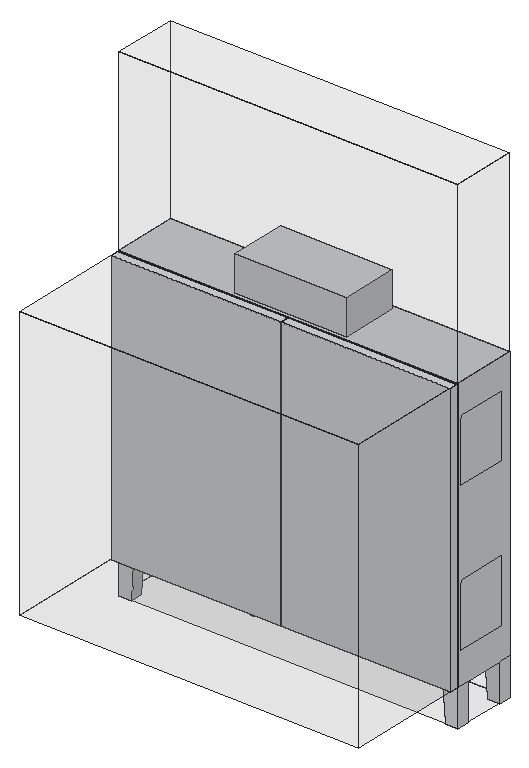
Revit family "AHU 1_11", category Mechanical Equipment, Revit 2019
Family settings
  Round Connector Dimension = Use Diameter
  Part Type = Normal
  OmniClass Number = 23.75.00.00
  OmniClass Title = Climate Control (HVAC)
  Work Plane-Based = No
  Always vertical = Yes
  Cut with Voids When Loaded = No
  Shared = No
  Room Calculation Point = No
Parameters (values of type "DUPLEXVENT Flexi DV650 (RD5)")
  Width [instance] = 0.298 mm
  Weight [instance] = 110.00 kg
  URL = ""
  Type [instance] = "DUPLEXVENT Flexi DV650 (RD5)"
  Total_SFP [instance] = 0
  Supply_outlet_hum [instance] = 90
  Supply_inlet_hum [instance] = 90
  Supply_ext_pressure [instance] = 0.0 Pa
  Supply_SFP [instance] = 0
  Source_adu_file [instance] = "C:\\\\Users\\\\dgavril\\\\Desktop\\\\atrea.adu"
  Recuperation_type [instance] = "Plate heat recovery exchanger"
  Recuperation_efficiency_EN308 [instance] = 0
  Project_name [instance] = ""
  Project_date [instance] = "21.2.2019"
  Power_supply_fusing [instance] = 0 W
  Power_supply_cable [instance] = 0 W
  Position [instance] = "AHU 1"
  Phases_count [instance] = 1
  Panel_thickness [instance] = 0.06 mm
  Outer_surface [instance] = "RAL 9002"
  Length [instance] = 1.37 mm
  Insulation_type [instance] = "PUR"
  Insulation_thickness [instance] = 0.05 mm
  Installation_environment [instance] = ""
  Input_power_max [instance] = 340 A
  Inner_surface [instance] = "Pozink"
  I2 [instance] = I1  # 0.0 L/s
  Height [instance] = 1.1 mm
  Exhaust_outlet_hum [instance] = 0
  Exhaust_inlet_hum [instance] = 40
  Exhaust_ext_pressure [instance] = 0.0 Pa
  Exhaust_SFP [instance] = 0
  E1 [instance] = E2 - M1  # 0.0 L/s
  E2 [instance] = 0.0 L/s
  I1 [instance] = 0.0 L/s
  Device_dutypoint_version [instance] = "2"
  Device_design_version [instance] = "7"
  Device_adu_id [instance] = "11"
  Description = ""
  M1 [instance] = 0.0 L/s
  Current_max [instance] = 2800 W
  Casing_mat [instance] = "painted zinc layer"
  Cable type [instance] = "CYKY 3Jx1,5"
Reference planes
  plane 1 "Střed (vpředu/vzadu)": y = 0
  plane 2 "ref": z = 0
  plane 3 "Střed (vlevo/vpravo)": x = 0
Forms (mm)
  Sweep 1, solid
    path origin (0, 0, 0) x (0, 0, 1) y (1, 0, 0)
      loop
        line (0, 0) -> (1100, 0)
    profile origin (0, 0, 0) x (1, 0, 0) y (0, 1, 0)
      loop
        line (0, 0) -> (1370, 0) -> (1370, 260) -> (0, 260) -> (0, 0)
  Sweep 2, solid
    path origin (0, 0, 0) x (0, 0, 1) y (1, 0, 0)
      loop
        line (0, 0) -> (1100, 0)
    profile origin (0, 0, 0) x (1, 0, 0) y (0, 1, 0)
      loop
        line (0, 0) -> (0, -38) -> (1370, -38) -> (1370, 0) -> (0, 0)
  Sweep 3, solid
    path origin (1, 115, 256) x (0, 1, 0) y (-1, 0, 0)
      loop
        line (0, 0) -> (0, 1)
    profile origin (1, 115, 256) x (0, -1, 0) y (0, 0, 1)
      loop
        line (-100, 125) -> (-100, -125) -> (100, -125) -> (100, 125) -> (-100, 125)
  Sweep 4, solid
    path origin (1369, 115, 853) x (1, 0, 0) y (0, 1, 0)
      loop
        line (0, 0) -> (1, 0)
    profile origin (1369, 115, 853) x (0, 1, 0) y (0, 0, 1)
      loop
        line (-100, -125) -> (100, -125) -> (100, 125) -> (-100, 125) -> (-100, -125)
  Sweep 5, solid
    path origin (1369, 115, 256) x (1, 0, 0) y (0, 1, 0)
      loop
        line (0, 0) -> (1, 0)
    profile origin (1369, 115, 256) x (0, 1, 0) y (0, 0, 1)
      loop
        line (-100, -125) -> (100, -125) -> (100, 125) -> (-100, 125) -> (-100, -125)
  Sweep 6, solid
    path origin (1, 115, 853) x (0, 1, 0) y (-1, 0, 0)
      loop
        line (0, 0) -> (0, 1)
    profile origin (1, 115, 853) x (0, -1, 0) y (0, 0, 1)
      loop
        line (-100, 125) -> (-100, -125) -> (100, -125) -> (100, 125) -> (-100, 125)
  Sweep 7, solid, material "Servisní prostor"
    path origin (0, 0, 0) x (0, 0, 1) y (1, 0, 0)
      loop
        line (0, 0) -> (1100, 0)
    profile origin (0, 0, 0) x (1, 0, 0) y (0, 1, 0)
      loop
        line (0, -500) -> (1370, -500) -> (1370, 0) -> (0, 0) -> (0, -500)
  Sweep 8, solid, material "Servisní prostor"
    path origin (0, 0, 1100) x (0, 0, 1) y (1, 0, 0)
      loop
        line (0, 0) -> (720, 0)
    profile origin (0, 0, 1100) x (1, 0, 0) y (0, 1, 0)
      loop
        line (0, 0) -> (1370, 0) -> (1370, 260) -> (0, 260) -> (0, 0)
  Sweep 9, solid, material "Servisní prostor"
    path origin (0, 0, -150) x (0, 0, 1) y (1, 0, 0)
      loop
        line (0, 0) -> (150, 0)
    profile origin (0, 0, -150) x (1, 0, 0) y (0, 1, 0)
      loop
        line (0, 260) -> (0, 0) -> (1370, 0) -> (1370, 260) -> (0, 260)
  Sweep 10, solid
    path origin (0, 0, 0) x (0, 0, 1) y (1, 0, 0)
      loop
        line (0, 0) -> (1100, 0)
    profile origin (0, 0, 0) x (1, 0, 0) y (0, 1, 0)
      loop
        line (0, -38) -> (685, -38) -> (685, -5) -> (0, -5) -> (0, -38)
  Sweep 11, solid
    path origin (0, 0, 0) x (0, 0, 1) y (1, 0, 0)
      loop
        line (0, 0) -> (1100, 0)
    profile origin (0, 0, 0) x (1, 0, 0) y (0, 1, 0)
      loop
        line (685, -38) -> (1370, -38) -> (1370, -5) -> (685, -5) -> (685, -38)
  Sweep 12, solid
    path origin (25, 50, 0) x (1, 0, 0) y (0, 1, 0)
      loop
        line (0, 0) -> (0, -50)
    profile origin (25, 50, 0) x (1, 0, 0) y (0, 0, 1)
      loop
        line (-25, 0) -> (-25, -150) -> (25, -150) -> (35, 0) -> (-25, 0)
  Sweep 13, solid
    path origin (1345, 50, 0) x (1, 0, 0) y (0, 1, 0)
      loop
        line (0, 0) -> (0, -50)
    profile origin (1345, 50, 0) x (1, 0, 0) y (0, 0, 1)
      loop
        line (-35, 0) -> (-25, -150) -> (25, -150) -> (25, 0) -> (-35, 0)
  Sweep 14, solid
    path origin (25, 260, 0) x (1, 0, 0) y (0, 1, 0)
      loop
        line (0, 0) -> (0, -50)
    profile origin (25, 260, 0) x (1, 0, 0) y (0, 0, 1)
      loop
        line (-25, 0) -> (-25, -150) -> (25, -150) -> (35, 0) -> (-25, 0)
  Sweep 15, solid
    path origin (1345, 260, 0) x (1, 0, 0) y (0, 1, 0)
      loop
        line (0, 0) -> (0, -50)
    profile origin (1345, 260, 0) x (1, 0, 0) y (0, 0, 1)
      loop
        line (-35, 0) -> (-25, -150) -> (25, -150) -> (25, 0) -> (-35, 0)
  Sweep 16, solid
    path origin (0, 0, 1100) x (0, 0, 1) y (1, 0, 0)
      loop
        line (0, 0) -> (140, 0)
    profile origin (0, 0, 1100) x (1, 0, 0) y (0, 1, 0)
      loop
        line (455, 17) -> (905, 17) -> (905, 247) -> (455, 247) -> (455, 17)
  Sweep 17, solid
    path origin (455, 132, 1170) x (0, 0, -1) y (1, 0, 0)
      loop
        line (0, 0) -> (0, -1)
    profile origin (455, 132, 1170) x (0, 0, -1) y (0, -1, 0)
      loop
        circle (0, 0) r 10
  Sweep 18, solid
    path origin (537, 15, 0) x (0, -1, 0) y (0, 0, 1)
      loop
        line (0, 0) -> (0, -30)
    profile origin (537, 15, 0) x (-1, 0, 0) y (0, -1, 0)
      loop
        circle (0, 0) r 16
Lines and regions (mm)
  model lines, style "Symbol"
    curve 1: line (750, -38, 0) -> (750, -38, 220)
    curve 2: line (750, -38, 1100) -> (750, -38, 880)
    curve 3: line (0, -38, 550) -> (420, -38, 550)
    curve 4: line (1370, -38, 550) -> (1080, -38, 550)
    curve 5: line (420, -38, 550) -> (585, -38, 880)
    curve 6: line (585, -38, 880) -> (915, -38, 880)
    curve 7: line (915, -38, 880) -> (1080, -38, 550)
    curve 8: line (1080, -38, 550) -> (915, -38, 220)
    curve 9: line (915, -38, 220) -> (750, -38, 220)
    curve 10: line (750, -38, 220) -> (585, -38, 220)
    curve 11: line (585, -38, 220) -> (420, -38, 550)
    curve 12: line (1128, -38, 903) -> (1304, -38, 873)
    curve 13: line (1128, -38, 747) -> (1304, -38, 777)
    curve 14: line (242, -38, 747) -> (66, -38, 777)
    curve 15: line (242, -38, 903) -> (66, -38, 873)
    curve 16: line (123, -38, 110) -> (123, -38, 440)
    curve 17: line (123, -38, 440) -> (205, -38, 440)
    curve 18: line (205, -38, 440) -> (205, -38, 110)
    curve 19: line (205, -38, 110) -> (123, -38, 110)
    curve 20: line (164, -38, 110) -> (205, -38, 275)
    curve 21: line (164, -38, 440) -> (205, -38, 275)
    curve 22: line (1247, -38, 440) -> (1247, -38, 110)
    curve 23: line (1247, -38, 110) -> (1165, -38, 110)
    curve 24: line (1165, -38, 110) -> (1165, -38, 440)
    curve 25: line (1165, -38, 440) -> (1247, -38, 440)
    curve 26: line (1206, -38, 440) -> (1165, -38, 275)
    curve 27: line (1206, -38, 110) -> (1165, -38, 275)
    curve 28: line (525, -38, 192) -> (376, -38, 487)
    curve 29: line (376, -38, 487) -> (425, -38, 512)
    curve 30: line (425, -38, 512) -> (574, -38, 217)
    curve 31: line (574, -38, 217) -> (525, -38, 192)
    curve 32: line (435, -38, 381) -> (455, -38, 440)
    curve 33: line (495, -38, 264) -> (515, -38, 323)
Dimensions and locks
  aligned and locked: level to plane 2 "ref"
Connectors
  hvac at (0, 115, 256), driven by "E1"
    settings: on Sweep 3, index 1, duct flow 0.0 L/s, flow factor 0, pres drop 0.0 Pa, loss coef 0, conn angle 0.00°, conn width 200 mm, conn height 250 mm, conn diameter 609.6 mm, duct sys type 1, conn prof type 1, flow config 1, flow direction 1, loss method 0, conn ref index -1, conn util no, is conn primary yes, conn desc ""
  hvac at (1370, 115, 853), driven by "E2"
    settings: on Sweep 4, index 2, duct flow 0.0 L/s, flow factor 1, pres drop 0.0 Pa, loss coef 0, conn angle 0.00°, conn width 200 mm, conn height 250 mm, conn diameter 609.6 mm, duct sys type 1, conn prof type 1, flow config 2, flow direction 2, loss method 0, conn ref index -1, conn util no, is conn primary no, conn desc ""
  hvac at (1370, 115, 256), driven by "I1"
    settings: on Sweep 5, index 3, duct flow 0.0 L/s, flow factor 1, pres drop 0.0 Pa, loss coef 0, conn angle 0.00°, conn width 200 mm, conn height 250 mm, conn diameter 609.6 mm, duct sys type 3, conn prof type 1, flow config 2, flow direction 1, loss method 0, conn ref index -1, conn util no, is conn primary no, conn desc ""
  hvac at (0, 115, 853), driven by "I2"
    settings: on Sweep 6, index 4, duct flow 0.0 L/s, flow factor 0, pres drop 0.0 Pa, loss coef 0, conn angle 0.00°, conn width 200 mm, conn height 250 mm, conn diameter 609.6 mm, duct sys type 3, conn prof type 1, flow config 1, flow direction 2, loss method 0, conn ref index -1, conn util no, is conn primary no, conn desc ""
  electrical at (454, 132, 1170)
    settings: on Sweep 17, index 5, voltage 230 V, apparent load 0 VA, apparent load phase1 0 VA, apparent load phase2 0 VA, apparent load phase3 0 VA, power factor 1, load classification "Other", number of poles 1, system type 31, power factor state 1, is connector primary yes, connector utility no, sub classification motor no, connector description ""
  piping at (537, 15, -30), diameter 22
    settings: on Sweep 18, index 6, connector inside diameter 609.6 mm, connector length 0 mm, flow factor 0, pipe flow 0.0 L/s, pressure drop 0.0 Pa, fitting loss kfactor 0, connector angle 0.00°, fixture units 0, engagement length 0 mm, angle of deflection 0.00°, flow configuration 1, flow direction 2, fitting loss method 0, system type 16, joint type 0, gender type 0, connector reference index -1, connector utility 0, adjustable connector no, is connector primary yes, connector description ""
